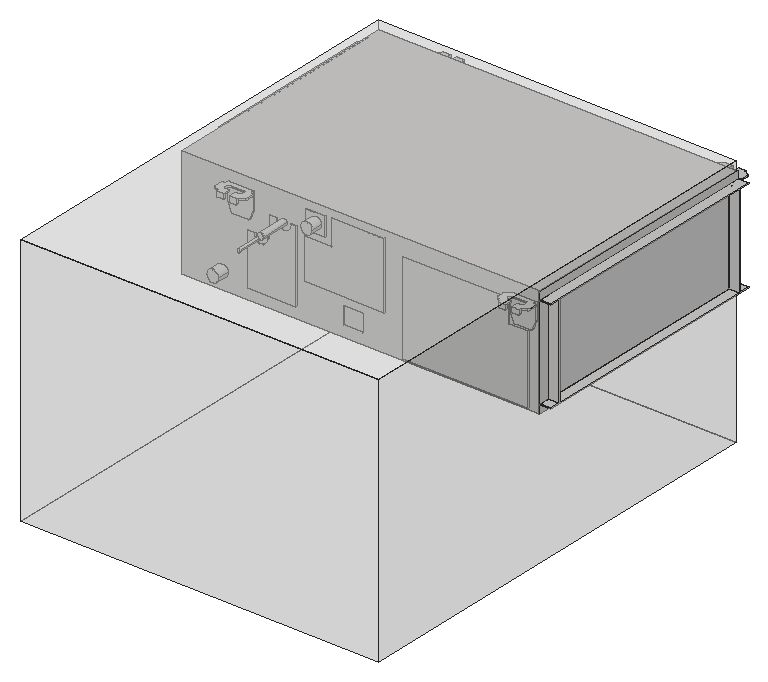
Revit family "outputfile", category 機械設備, Revit 2024
Family settings
  丸型コネクタ寸法 = 半径を使用
  パーツ タイプ = 標準
  OmniClass 番号 = 23.75.10.24.21.27.27
  OmniClass タイトル = Split System Air Conditioning Units
  作業面ベース = いいえ
  常に垂直 = はい
  ロード時にボイドで切り取り = いいえ
  注釈の向きを維持 = いいえ
  共有 = いいえ
  部屋計算ポイント = はい
Parameters (values of type "FXSA32AVMS")
  製造元 = "Daikin"
  書き出し IFC クラス(タイプ) = "IfcUnitaryEquipmentType"
  定義済み IFC タイプ(タイプ) = "AIRCONDITIONINGUNIT"
  モデル = "FXSA32AVMS"
  switch_frequency = yes
  r_Liquid Pipe Size = Liquid Pipe Size / 2  # 3.2 mm
  r_Gas Pipe Size = Gas Pipe Size / 2  # 6.35 mm
  r_Drain Pipe Size = Drain Pipe Size / 2  # 12.5 mm
  lw_power = 770.0 mm
  lh_SA = 138.0 mm
  lw_SA = if(Width = 550.0 mm, 225.0 mm, if(Width = 700.0 mm, 300.0 mm, if(Width = 1000.0 mm, 450.0 mm, if(Width = 1400.0 mm, 650.0 mm, 725.0 mm))))  # 225.0 mm
  lw_RA = if(Width = 550.0 mm, 275.0 mm, if(Width = 700.0 mm, 349.0 mm, if(Width = 1000.0 mm, 499.0 mm, if(Width = 1400.0 mm, 699.0 mm, 775.0 mm))))  # 275.0 mm
  lh_power = 60.0 mm + [h***]  # 60.0 mm
  lh_mountinghole1 = lh_mountinghole + [h***]  # 222.0 mm
  lh_RA = 123.0 mm
  ld_power = Width / 2  # 275.0 mm
  connector_voltage = Voltage_50Hz  # 220 V
  connector_powerinput = [Power Input (Cooling)]  # 0.066 kW
  connector_phase = Phase_50Hz  # 1
  Voltage_comment_50Hz = "220"
  Voltage_50Hz = 220 V
  Total Heating Capacity [instance] = 0.000 kW
  Supply Air Direction [instance] = yes
  Sound Power Level_H speed (dB) = 62
  Power Input (Heating) = 0.061 kW
  Phase_50Hz = 1
  Nominal Heating Capacity = 4.000 kW
  Minimum External Static Pressure = 30.00 Pa
  Minimum Circuit Amps_50Hz = 0.9 A
  Maximum Fuse Amps_50Hz = 16.0 A
  Maximum External Static Pressure = 150.00 Pa
  Material_Casing = DAIKIN_GalvanizedSteel_Casing_indoorunit
  lw_mountinghole = 630.0 mm
  lh_gaspipe = 183.0 mm + [h***]  # 183.0 mm
  lh_mountinghole = 222.0 mm
  lh_liquidpipe = 136.0 mm + [h***]  # 136.0 mm
  lh_drainpipe = 207.0 mm + [h***]  # 207.0 mm
  lh_antena = Height - lh_mountinghole + 1.0 mm  # 24.0 mm
  ld_drainpipe = Width / 2 + 26.0 mm  # 301.0 mm
  ld_liquidpipe = 339.0 mm
  ld_gaspipe = Width / 2 + 65.0 mm  # 340.0 mm
  ld_mountinghole = Width + 38.0 mm  # 588.0 mm
  h*** = 0.0 mm
  lw_liquidpipe = 179.0 mm
  lw_gaspipe = 229.0 mm
  lw_drainpipe = 300.0 mm
  Width = 550.0 mm
  Version = "ver.1.0"
  Unit Type = "Duct_M.S.P."
  Unit Mass Weight = 25.00 kg
  Unit Designation [instance] = ""
  Uniclass2015Version = "Products v1.30"
  Uniclass2015Title = "Variable refrigerant flow units"
  Uniclass2015Code = "Pr_70_65_03_94"
  Total Cooling Capacity [instance] = 0.000 kW
  Sound Pressure Level_M speed (dBA) = 32
  Sound Pressure Level_L speed (dBA) = 30
  Sound Pressure Level_H speed (dBA) = 34
  Series = "VRV Fan Coil Unit"
  Sensible Cooling Capacity [instance] = 0.000 kW
  SA Duct Size Width = 337.0 mm
  SA Duct Size Height = 176.0 mm
  Refrigerant Type = "R32"
  RA Duct Size Width = 502.0 mm
  RA Duct Size Height = 208.0 mm
  Power Input (Cooling) = 0.066 kW
  Option Accessory 3 [instance] = ""
  Option Accessory 2 [instance] = ""
  Option Accessory 1 [instance] = ""
  Nominal Cooling Capacity = 3.600 kW
  Minimum Airflow = 420.00 m³/h
  Median Airflow = 480.00 m³/h
  Maximum Airflow = 570.00 m³/h
  Load Classification = HVAC
  Liquid Pipe Size = 6.4 mm
  Link_Nested Family [instance] = ""
  IfcVersion = ""
  IfcExportType = "AIRCONDITIONINGUNIT"
  IfcExportAs = "IfcUnitaryEquipmentType"
  Height = 245.0 mm
  Heating Entering Wet Bulb Temperature [instance] = -273.15 °C
  Heating Entering Dry Bulb Temperature [instance] = -273.15 °C
  Heating Ambient Wet Bulb Temperature [instance] = -273.15 °C
  Heating Ambient Dry Bulb Temperature [instance] = -273.15 °C
  Heat Exchanger Type = "Cross Fin Coil"
  Gas Pipe Size = 12.7 mm
  Frequency_50Hz = 50 Hz
  Fan Type = "Sirocco Fan"
  Fan Drive = "Direct Drive"
  FCU Tag No. [instance] = ""
  Drain Pipe Size = 25.0 mm
  Design Supply Airflow [instance] = 0.00 m³/h
  Design Return Airflow [instance] = 0.00 m³/h
  Design External Static Pressure [instance] = 0.00 Pa
  Depth = 800.0 mm
  既定の高さ = 0.0 mm
  Cooling Entering Wet Bulb Temperature [instance] = 0.00 °C
  Cooling Entering Dry Bulb Temperature [instance] = 0.00 °C
  Cooling Ambient Wet Bulb Temperature [instance] = 0.00 °C
  Cooling Ambient Dry Bulb Temperature [instance] = 0.00 °C
  Clearance visibility [instance] = yes
  Clearance Top = 20.0 mm
  Clearance Right = 0.0 mm
  Clearance Rear = 0.0 mm
  Clearance Left = 0.0 mm
  Clearance Front = 450.0 mm
  Clearance Bottom = 300.0 mm
Reference planes
  plane 1 "Center (Front/Back)": y = 0
  plane 2 "h": z = 0
  plane 3 "Center (Left/Right)": x = 0
  plane 4 "Back": y = 275
  plane 5 "Front": y = -275
  plane 6 "Left": x = -400
  plane 7 "Right": x = 400
  plane 8 "Top": z = 0
  plane 9 "Bottom": z = -245
  plane 10: y = -215
  plane 11: y = 275
  plane 12: y = -725
  plane 13: x = -400
  plane 14: x = 400
  plane 15: z = 20
  plane 16: z = -545
  plane 17: x = -400
  plane 18: x = -399
  plane 19: x = 399
  plane 20: y = 50
  plane 21: y = 0
  plane 22: z = -122
  plane 23: y = -276
  plane 24: z = -109
  plane 25: x = -221
  plane 26: y = -340
  plane 27: z = -62
  plane 28: x = -171
  plane 29: y = -301
  plane 30: z = -38
  plane 31: x = -100
  plane 32: x = -100
  plane 33: x = -221
  plane 34: x = -171
  plane 35: x = 370
  plane 36: x = -266
  plane 37: x = 364
  plane 38: y = -294
  plane 39: y = 294
  plane 40: z = -23
  plane 41: z = -107
  plane 42: y = -339
  plane 43: z = -207
  plane 44: x = -309
  plane 45: y = -376
  plane 46: x = -251
  plane 47: x = -203
  plane 48: x = -144
  plane 49: z = -59
  plane 50: z = -106
  plane 51: z = -221
  plane 52: z = -109
  plane 53: x = -221
  plane 54: z = -62
  plane 55: x = -171
  plane 56: z = -17
  plane 57: z = -59
  plane 58: x = -121
  plane 59: x = -79
  plane 60: x = -125
  plane 61: x = -64
  plane 62: x = 53
  plane 63: z = -164
  plane 64: z = -73
  plane 65: z = -16
  plane 66: x = 93.5
  plane 67: x = 374.5
  plane 68: x = 330
  plane 69: z = -88.5
  plane 70: z = -38
  plane 71: z = -242.5
  plane 72: x = -38.5
  plane 73: x = 6.5
  plane 74: z = -181
  plane 75: z = -221
  plane 76: y = -274
  plane 77: x = -424
  plane 78: x = 424
Forms (mm)
  Extrusion 1, solid, material "DAIKIN_GalvanizedSteel_Casing_indoorunit" <- "Material_Casing"
    sketch origin (0, 0, 0) x (1, 0, 0) y (0, 1, 0)
      loop
        line (-399, 275) -> (-399, -275) -> (399, -275) -> (399, 275) -> (-399, 275)
    from -245 to 0
  Extrusion 2, solid, material "DAIKIN_GalvanizedSteel_Casing_indoorunit" <- "Material_Casing"
    sketch origin (0, 0, 0) x (1, 0, 0) y (0, 0, 1)
      loop
        line (-251, -221) -> (-144, -221) -> (-144, -59) -> (-154.47, -59)
        arc (-154.47, -59) -> (-171, -78.8) -> (-187.53, -59) r 16.8
        line (-187.53, -59) -> (-203, -59) -> (-203, -106) -> (-206.916, -106)
        arc (-206.916, -106) -> (-221, -123.4) -> (-235.084, -106) r 14.4
        line (-235.084, -106) -> (-251, -106) -> (-251, -221)
    from 275 to 276
  Extrusion 3, solid, material "DAIKIN_GalvanizedSteel_Casing_indoorunit" <- "Material_Casing"
    sketch origin (0, 0, 0) x (1, 0, 0) y (0, 0, 1)
      loop
        line (-121, -17) -> (-121, -59) -> (-79, -59) -> (-79, -17) -> (-121, -17)
      loop
        line (-125, -73) -> (-125, -164) -> (53, -164) -> (53, -16) -> (-64, -16) -> (-64, -73) -> (-125, -73)
    from 275 to 276
  Extrusion 4, solid, material "DAIKIN_GalvanizedSteel_Casing_indoorunit" <- "Material_Casing"
    sketch origin (0, 0, 0) x (1, 0, 0) y (0, 0, 1)
      loop
        line (93.5, -38) -> (93.5, -242.5) -> (374.5, -242.5) -> (374.5, -88.5) -> (330, -88.5) -> (330, -38) -> (93.5, -38)
    from 275 to 276
  Extrusion 5, solid, material "DAIKIN_GalvanizedSteel_Casing_indoorunit" <- "Material_Casing"
    sketch origin (0, 0, 0) x (1, 0, 0) y (0, 0, 1)
      loop
        circle (-221, -109) r 3.2
    from 275 to 339
  Extrusion 6, solid, material "DAIKIN_GalvanizedSteel_Casing_indoorunit" <- "Material_Casing"
    sketch origin (0, 0, 0) x (1, 0, 0) y (0, 0, 1)
      loop
        circle (-171, -62) r 6.35
    from 275 to 340
  Extrusion 7, solid, material "DAIKIN_GalvanizedSteel_Casing_indoorunit" <- "Material_Casing"
    sketch origin (0, 0, 0) x (1, 0, 0) y (0, 0, 1)
      loop
        circle (-100, -38) r 12.5
    from 276 to 301
  Extrusion 8, solid, material "DAIKIN_GalvanizedSteel_Casing_indoorunit" <- "Material_Casing"
    sketch origin (0, 0, 0) x (1, 0, 0) y (0, 0, 1)
      loop
        circle (-309, -207) r 13
    from 275 to 301
  Extrusion 9, void
    sketch origin (0, 0, 0) x (1, 0, 0) y (0, 0, 1)
      loop
        line (-38.5, -181) -> (-38.5, -221) -> (6.5, -221) -> (6.5, -181) -> (-38.5, -181)
    from 274 to 275
Cuts and joins
  Extrusion 9 cuts Extrusion 1
Dimensions and locks
  "Height": plane 8 "Top" to plane 9 "Bottom"
  equal spacing: plane 4 "Back", plane 1 "Center (Front/Back)", plane 5 "Front"
  "Width": plane 4 "Back" to plane 5 "Front"
  equal spacing: plane 6 "Left", plane 3 "Center (Left/Right)", plane 7 "Right"
  "Depth": plane 6 "Left" to plane 7 "Right"
  "Clearance Left": plane 13 to plane 6 "Left"
  "Clearance Right": plane 7 "Right" to plane 14
  "Clearance Rear": plane 11 to plane 4 "Back"
  "Clearance Front": plane 5 "Front" to plane 12
  "Clearance Top": plane 15 to plane 8 "Top"
  "Clearance Bottom": plane 9 "Bottom" to plane 16
  locked: plane 17 to plane 18 at 1
  locked: plane 19 to plane 14 at 1
  "lw_SA": plane 11 to plane 20
  "lw_RA": plane 21 to plane 5 "Front"
  "lh_RA": plane 22 to plane 9 "Bottom"
  locked: plane 5 "Front" to plane 23 at 1
  "lw_liquidpipe": plane 25 to plane 6 "Left"
  "lh_liquidpipe": plane 24 to plane 9 "Bottom"
  "lh_gaspipe": plane 27 to plane 9 "Bottom"
  "lw_gaspipe": plane 28 to plane 6 "Left"
  "ld_gaspipe": plane 26 to plane 1 "Center (Front/Back)"
  "ld_drainpipe": plane 29 to plane 1 "Center (Front/Back)"
  "lh_drainpipe": plane 30 to plane 9 "Bottom"
  "lw_drainpipe": plane 31 to plane 6 "Left"
  "lw_drainpipe": plane 6 "Left" to plane 32
  "lw_liquidpipe": plane 6 "Left" to plane 33
  "lw_gaspipe": plane 6 "Left" to plane 34
  "lw_power": plane 6 "Left" to plane 35
  locked: plane 17 to plane 36 at 134
  "lw_mountinghole": plane 36 to plane 37
  equal spacing: plane 38, plane 1 "Center (Front/Back)", plane 39
  "ld_mountinghole": plane 39 to plane 38
  "lh_mountinghole": plane 40 to plane 9 "Bottom"
  "lh_SA": plane 41 to plane 9 "Bottom"
  locked: plane 44 to plane 6 "Left" at 91
  locked: plane 43 to plane 9 "Bottom" at 38
  plane 48 to plane 47 to plane 46 to plane 6 "Left" = 59.0 mm, 48.0 mm, 149.0 mm
  plane 8 "Top" to plane 49 to plane 50 to plane 51 = 59.0 mm locked, 47.0 mm locked, 115.0 mm locked
  plane 55 to plane 53 to plane 6 "Left" = 50.0 mm locked, 179.0 mm locked
  plane 54 to plane 52 to plane 9 "Bottom" = 47.0 mm locked, 136.0 mm locked
  plane 59 to plane 58 to plane 6 "Left" = 42.0 mm locked, 279.0 mm locked
  plane 8 "Top" to plane 56 to plane 57 = 17.0 mm locked, 42.0 mm locked
  plane 62 to plane 61 to plane 60 to plane 6 "Left" = 117.0 mm, 61.0 mm, 275.0 mm
  plane 8 "Top" to plane 65 to plane 64 = 16.0 mm locked, 57.0 mm locked
  locked: plane 65 to plane 63 at 148
  plane 8 "Top" to plane 70 to plane 69 to plane 71 = 38.0 mm locked, 50.5 mm locked, 154.0 mm locked
  plane 67 to plane 68 to plane 66 to plane 6 "Left" = 44.5 mm locked, 236.5 mm locked, 493.5 mm locked
  plane 8 "Top" to plane 74 to plane 75 = 181.0 mm locked, 40.0 mm locked
  plane 73 to plane 72 to plane 6 "Left" = 45.0 mm, 361.5 mm
  locked: plane 76 to plane 5 "Front" at 1
  locked: plane 77 to plane 17 at 24
  locked: plane 14 to plane 78 at 24
  "ld_liquidpipe": plane 42 to plane 1 "Center (Front/Back)"
  "r_Liquid Pipe Size": radius of Extrusion 5 sketch curve
  "r_Gas Pipe Size": radius of Extrusion 6 sketch curve
  "r_Drain Pipe Size": radius of Extrusion 7 sketch curve
  aligned and locked: level to plane 2 "h"
  aligned and locked: plane 8 "Top" to Extrusion 1
  aligned and locked: Extrusion 1 to plane 9 "Bottom"
  aligned and locked: nested 5 to plane 12
  aligned and locked: plane 13 to nested 5
  aligned and locked: plane 14 to nested 5
  aligned and locked: nested 5 to plane 13
  aligned and locked: plane 11 to nested 5
  aligned and locked: plane 15 to nested 5
  aligned and locked: plane 16 to nested 5
  aligned and locked: plane 5 "Front" to Extrusion 1 sketch curve
  aligned and locked: Extrusion 1 to plane 18
  aligned and locked: plane 19 to Extrusion 1
  aligned and locked: nested 7 to plane 18
  aligned and locked: nested 7 to plane 20
  aligned and locked: plane 19 to nested 8
  aligned and locked: plane 21 to nested 8
  aligned and locked: plane 22 to nested 8
  aligned and locked: Extrusion 2 to plane 23
  aligned and locked: plane 5 "Front" to Extrusion 2
  aligned and locked: Extrusion 3 to plane 23
  aligned and locked: plane 5 "Front" to Extrusion 3
  aligned and locked: plane 5 "Front" to Extrusion 4
  aligned and locked: Extrusion 5 sketch curve to plane 25
  aligned and locked: plane 24 to Extrusion 5 sketch curve
  aligned and locked: plane 5 "Front" to Extrusion 5
  aligned and locked: Extrusion 6 sketch curve to plane 28
  aligned and locked: plane 27 to Extrusion 6 sketch curve
  aligned and locked: plane 5 "Front" to Extrusion 6
  aligned and locked: Extrusion 7 sketch curve to plane 31
  aligned and locked: Extrusion 7 sketch curve to plane 30
  aligned and locked: Extrusion 7 to plane 29
  aligned and locked: plane 23 to Extrusion 7
  aligned and locked: nested 3 to plane 29
  aligned and locked: plane 32 to nested 3
  aligned and locked: nested 2 to plane 33
  aligned and locked: nested 1 to plane 34
  aligned and locked: Extrusion 6 to plane 26
  aligned and locked: nested 1 to plane 26
  aligned and locked: nested 6 to plane 5 "Front"
  aligned and locked: plane 35 to nested 6
  aligned and locked: plane 36 to nested 10
  aligned and locked: nested 10 to plane 5 "Front"
  aligned and locked: plane 37 to nested 9
  aligned and locked: nested 9 to plane 5 "Front"
  aligned and locked: nested 11 to plane 36
  aligned and locked: plane 4 "Back" to nested 11
  aligned and locked: nested 12 to plane 37
  aligned and locked: plane 4 "Back" to nested 12
  aligned and locked: plane 40 to nested 10
  aligned and locked: plane 40 to nested 11
  aligned and locked: plane 40 to nested 9
  aligned and locked: plane 40 to nested 12
  aligned and locked: plane 36 to nested 14
  aligned and locked: nested 14 to plane 39
  aligned and locked: plane 37 to nested 13
  aligned and locked: nested 13 to plane 39
  aligned and locked: plane 37 to nested 16
  aligned and locked: plane 38 to nested 16
  aligned and locked: plane 38 to nested 15
  aligned and locked: plane 36 to nested 15
  aligned and locked: plane 17 to plane 6 "Left"
  aligned and locked: plane 41 to nested 7
  aligned and locked: Extrusion 5 to plane 42
  aligned and locked: nested 2 to plane 42
  aligned and locked: Extrusion 8 sketch curve to plane 44
  aligned and locked: plane 43 to Extrusion 8 sketch curve
  aligned and locked: plane 5 "Front" to Extrusion 8
  aligned and locked: Extrusion 3 sketch curve to plane 56
  aligned and locked: Extrusion 3 sketch curve to plane 58
  aligned and locked: plane 57 to Extrusion 3 sketch curve
  aligned and locked: plane 59 to Extrusion 3 sketch curve
  aligned and locked: Extrusion 4 to plane 23
  aligned and locked: Extrusion 9 sketch curve to plane 74
  aligned and locked: plane 75 to Extrusion 9 sketch curve
  aligned and locked: plane 73 to Extrusion 9 sketch curve
  aligned and locked: plane 5 "Front" to Extrusion 9
  aligned and locked: plane 76 to Extrusion 9
  aligned and locked: nested 17 to plane 20
  aligned and locked: nested 17 to plane 77
  aligned and locked: plane 21 to nested 18
  aligned and locked: plane 78 to nested 18
  aligned and locked: plane 41 to nested 17
  aligned and locked: nested 18 to plane 22
  aligned and locked: nested 4 to plane 3 "Center (Left/Right)"
  aligned and locked: plane 1 "Center (Front/Back)" to nested 4
  aligned and locked: level to plane 8 "Top"
  aligned and locked: Extrusion 8 to plane 29
Automatic sketch dimensions
  plane 6 "Left" to Extrusion 1 sketch curve = 1.0 mm
  Extrusion 1 sketch curve to plane 7 "Right" = 1.0 mm
  Extrusion 1 sketch curve to plane 4 "Back" = 0.0 mm
  Extrusion 2 sketch curve to plane 46 = 0.0 mm
  Extrusion 2 sketch curve to plane 33 = 0.0 mm
  Extrusion 2 sketch curve to plane 47 = 0.0 mm
  Extrusion 2 sketch curve to plane 34 = 0.0 mm
  Extrusion 2 sketch curve to plane 48 = 0.0 mm
  Extrusion 2 sketch curve to plane 51 = 0.0 mm
  Extrusion 2 sketch curve to plane 52 = 0.0 mm
  Extrusion 2 sketch curve to plane 50 = 0.0 mm  (x3)
  Extrusion 2 sketch curve to plane 54 = 0.0 mm
  Extrusion 2 sketch curve to plane 49 = 0.0 mm  (x3)
  plane 33 to Extrusion 2 sketch curve = 14.084 mm
  plane 34 to Extrusion 2 sketch curve = 16.53 mm
  Extrusion 3 sketch curve to plane 60 = 0.0 mm
  Extrusion 3 sketch curve to plane 61 = 0.0 mm
  Extrusion 3 sketch curve to plane 62 = 0.0 mm
  Extrusion 3 sketch curve to plane 63 = 0.0 mm
  Extrusion 3 sketch curve to plane 64 = 0.0 mm
  Extrusion 3 sketch curve to plane 65 = 0.0 mm
  Extrusion 4 sketch curve to plane 66 = 0.0 mm
  Extrusion 4 sketch curve to plane 68 = 0.0 mm
  Extrusion 4 sketch curve to plane 67 = 0.0 mm
  Extrusion 4 sketch curve to plane 71 = 0.0 mm
  Extrusion 4 sketch curve to plane 69 = 0.0 mm
  Extrusion 4 sketch curve to plane 70 = 0.0 mm
  Extrusion 9 sketch curve to plane 72 = 0.0 mm
  radius of Extrusion 8 sketch curve = 13.0 mm
Nested families
  nested 1: "daikin_connector_rotate2" at (-171, 0, -62), length <- "ld_gaspipe", built-in parameter 1001364 <- "lh_gaspipe", radius <- "r_Gas Pipe Size", type "daikin_connector_rotate2"
    with radius 6.35 mm, length 340.0 mm, angle_vertical 90.00°
  nested 2: "daikin_connector_rotate2" at (-221, 0, -109), length <- "ld_liquidpipe", built-in parameter 1001364 <- "lh_liquidpipe", radius <- "r_Liquid Pipe Size", type "daikin_connector_rotate2"
    with radius 3.2 mm, length 339.0 mm, angle_vertical 90.00°
  nested 3: "daikin_connector_rotate2" at (-100, 0, -38), length <- "ld_drainpipe", built-in parameter 1001364 <- "lh_drainpipe", radius <- "r_Drain Pipe Size", type "daikin_connector_rotate2"
    with radius 12.5 mm, length 301.0 mm, angle_vertical 90.00°
  nested 4: "daikin_△_symbolicline" at (0, 0, 245) x (0, -1, 0) z (0, 0, 1), built-in parameter 1001364 <- "Height", visible <- "Supply Air Direction", type "daikin_△_symbolicline"
    with length 200.0 mm
  nested 5: "daikin_clearancespace" at (0, -225, -262.381), visible <- "Clearance visibility", show <- "Clearance visibility", Link_Nested Family <- "Link_Nested Family", type "daikin_clearancespace"
    with width 800.0 mm, show yes, height 565.0 mm, depth 1000.0 mm, Link_Nested Family ""
  nested 6: "daikin_connector_rotate2" at (370, 0, -185), built-in parameter 1001364 <- "lh_power", length <- "ld_power", type "daikin_connector_rotate2"
    with radius 10.0 mm, length 275.0 mm, angle_vertical 90.00°
  nested 7: "daikin_ductflange_FXSA-AVMS2" at (-399, 50, -107) x (0, -1, 0) z (0, 0, 1), type "daikin_ductflange_FXSA-AVMS2"
    with width 337.0 mm, w1 24.0 mm, w 550.0 mm
  nested 8: "daikin_ductflange_FXSA-AVMS" at (399, 0, -122) x (0, 1, 0) z (0, 0, 1), type "daikin_ductflange_FXSA-AVMS"
    with width 502.0 mm, lw 25.0 mm, w 550.0 mm
  nested 9: "FXFSA-AVM" at (364, -275, -23), type "daikin_hangerfixture_FXFSA-AVM"
  nested 10: "FXFSA-AVM" at (-266, -275, -23), type "daikin_hangerfixture_FXFSA-AVM"
  nested 11: "FXFSA-AVM" at (-266, 275, -23) x (-1, 0, 0) z (0, 0, 1), type "daikin_hangerfixture_FXFSA-AVM"
  nested 12: "FXFSA-AVM" at (364, 275, -23) x (-1, 0, 0) z (0, 0, 1), type "daikin_hangerfixture_FXFSA-AVM"
  nested 13: "daikin_mountinghole" at (364, 294, -245), h_mountinghole <- "lh_mountinghole1", l_antenna <- "lh_antena", Link_Nested Family <- "Link_Nested Family", type "daikin_mountinghole"
    with show yes, l_antenna 24.0 mm, h_mountinghole 222.0 mm, Link_Nested Family ""
  nested 14: "daikin_mountinghole" at (-266, 294, -245), h_mountinghole <- "lh_mountinghole1", l_antenna <- "lh_antena", Link_Nested Family <- "Link_Nested Family", type "daikin_mountinghole"
    with show yes, l_antenna 24.0 mm, h_mountinghole 222.0 mm, Link_Nested Family ""
  nested 15: "daikin_mountinghole" at (-266, -294, -245), h_mountinghole <- "lh_mountinghole1", l_antenna <- "lh_antena", Link_Nested Family <- "Link_Nested Family", type "daikin_mountinghole"
    with show yes, l_antenna 24.0 mm, h_mountinghole 222.0 mm, Link_Nested Family ""
  nested 16: "daikin_mountinghole" at (364, -294, -245), h_mountinghole <- "lh_mountinghole1", l_antenna <- "lh_antena", Link_Nested Family <- "Link_Nested Family", type "daikin_mountinghole"
    with show yes, l_antenna 24.0 mm, h_mountinghole 222.0 mm, Link_Nested Family ""
  nested 17: "daikin_connector_rotate2" at (-400, 50, -107) x (0, -1, 0) z (0, 0, 1), type "daikin_connector_rotate2"
    with radius 10.0 mm, length 24.0 mm, angle_vertical 90.00°
  nested 18: "daikin_connector_rotate2" at (400, 0, -122) x (0, 1, 0) z (0, 0, 1), type "daikin_connector_rotate2"
    with radius 10.0 mm, length 24.0 mm, angle_vertical 90.00°
Connectors
  piping at (-100, -301, -38), diameter 25, driven by "r_Drain Pipe Size"
    settings: on nested 3, index 3, connector inside diameter 609.6 mm, connector length 0.0 mm, flow factor 0, pipe flow 0.00 m³/h, pressure drop 0.0 Pa, fitting loss kfactor 0, connector angle 0.00°, fixture units 0, engagement length 0.0 mm, angle of deflection 0.00°, flow configuration 1, flow direction 2, fitting loss method 4, system type 16, joint type 0, gender type 0, connector reference index -1, connector utility 0, adjustable connector no, is connector primary yes, connector description "Condensate Drain Piping"
  piping at (-171, -340, -62), diameter 12.7, driven by "r_Gas Pipe Size"
    settings: on nested 1, index 4, connector inside diameter 609.6 mm, connector length 0.0 mm, flow factor 0, pipe flow 0.00 m³/h, pressure drop 0.0 Pa, fitting loss kfactor 0, connector angle 0.00°, fixture units 0, engagement length 0.0 mm, angle of deflection 0.00°, flow configuration 1, flow direction 2, fitting loss method 0, system type 29, joint type 0, gender type 0, connector reference index -1, connector utility 0, adjustable connector no, is connector primary no, connector description "Refrigerant Gas Piping"
  piping at (-221, -339, -109), diameter 6.4, driven by "r_Liquid Pipe Size"
    settings: on nested 2, index 5, connector inside diameter 609.6 mm, connector length 0.0 mm, flow factor 0, pipe flow 0.00 m³/h, pressure drop 0.0 Pa, fitting loss kfactor 0, connector angle 0.00°, fixture units 0, engagement length 0.0 mm, angle of deflection 0.00°, flow configuration 1, flow direction 1, fitting loss method 0, system type 29, joint type 0, gender type 0, connector reference index -1, connector utility 0, adjustable connector no, is connector primary no, connector description "Refrigerant Liquid Piping"
  electrical at (370, -275, -185), driven by "Load Classification", driven by "connector_voltage", driven by "connector_phase", driven by "connector_powerinput"
    settings: on nested 6, index 6, voltage 220 V, apparent load 66 VA, apparent load phase1 0 VA, apparent load phase2 0 VA, apparent load phase3 0 VA, power factor 1, load classification "HVAC", number of poles 1, system type 30, power factor state 1, is connector primary yes, connector utility no, sub classification motor no, connector description "Power Supply"
  hvac at (-424, 50, -107), driven by "SA Duct Size Height", driven by "SA Duct Size Width"
    settings: on nested 17, index 7, duct flow 0.00 m³/h, flow factor 0, pres drop 0.00 Pa, loss coef 0, conn angle 0.00°, conn width 337.0 mm, conn height 176.0 mm, conn diameter 609.6 mm, duct sys type 1, conn prof type 1, flow config 0, flow direction 2, loss method 4, conn ref index -1, conn util no, is conn primary yes, conn desc "SA Duct"
  hvac at (424, 0, -122), driven by "RA Duct Size Height", driven by "RA Duct Size Width"
    settings: on nested 18, index 8, duct flow 0.00 m³/h, flow factor 0, pres drop 0.00 Pa, loss coef 0, conn angle 0.00°, conn width 502.0 mm, conn height 208.0 mm, conn diameter 609.6 mm, duct sys type 2, conn prof type 1, flow config 0, flow direction 1, loss method 4, conn ref index -1, conn util no, is conn primary no, conn desc "RA Duct"
Definition of nested family "daikin_clearancespace"
  Parameters (values of type "daikin_clearancespace")
    Description = "daikin_clearancespace"
    width [instance] = 1823.963 mm
    show [instance] = yes
    material = none
    height [instance] = 1359.762 mm
    depth [instance] = 880.0 mm
    Default Elevation = 0.0 mm
    Link_Nested Family [instance] = ""
  Reference planes
    plane 1 "Center (Front/Back)": y = 0
    plane 2 "Center (Elevation)": z = -0.119
    plane 3 "Center (Left/Right)": x = 0
    plane 4: y = 440
    plane 5: y = -440
    plane 6 "Right": x = 911.982
    plane 7 "Left": x = -911.982
    plane 8 "Top": z = 679.762
    plane 9 "Bottom": z = -680
  Forms (mm)
    Extrusion 1, solid, material <- "material", visible <- "show"
      sketch origin (0, 0, 0) x (1, 0, 0) y (0, 1, 0)
        loop
          line (-911.982, 440) -> (-911.982, -440) -> (911.982, -440) -> (911.982, 440) -> (-911.982, 440)
      from -680 to 679.762
  Lines and regions (mm)
    symbolic lines, visible <- "show"
      curve 1: line (911.982, 440, 0) -> (-911.982, 440, 0)
      curve 2: line (-911.982, 440, 0) -> (-911.982, -440, 0)
      curve 3: line (-911.982, -440, 0) -> (911.982, -440, 0)
      curve 4: line (911.982, -440, 0) -> (911.982, 440, 0)
      curve 5: line (911.982, 0, 679.762) -> (-911.982, 0, 679.762)
      curve 6: line (911.982, 0, -680) -> (911.982, 0, 679.762)
      curve 7: line (-911.982, 0, -680) -> (911.982, 0, -680)
      curve 8: line (-911.982, 0, 679.762) -> (-911.982, 0, -680)
      curve 9: line (0, 440, 679.762) -> (0, -440, 679.762)
      curve 10: line (0, -440, 679.762) -> (0, -440, -680)
      curve 11: line (0, 440, -680) -> (0, 440, 679.762)
      curve 12: line (0, -440, -680) -> (0, 440, -680)
  Dimensions and locks
    "width": plane 7 "Left" to plane 6 "Right"
    "depth": plane 4 to plane 5
    "height": plane 8 "Top" to plane 9 "Bottom"
    equal spacing: plane 7 "Left", plane 3 "Center (Left/Right)", plane 6 "Right"
    equal spacing: plane 4, plane 1 "Center (Front/Back)", plane 5
    equal spacing: plane 8 "Top", plane 2 "Center (Elevation)", plane 9 "Bottom"
    aligned and locked: level to plane 2 "Center (Elevation)"
    aligned and locked: Extrusion 1 sketch curve to plane 4
    aligned and locked: plane 7 "Left" to Extrusion 1 sketch curve
    aligned and locked: Extrusion 1 sketch curve to plane 5
    aligned and locked: Extrusion 1 sketch curve to plane 6 "Right"
    aligned and locked: plane 8 "Top" to Extrusion 1
    aligned and locked: curve 1 to Extrusion 1
    aligned and locked: curve 2 to Extrusion 1
    aligned and locked: curve 3 to Extrusion 1
    aligned and locked: curve 4 to Extrusion 1
    aligned and locked: curve 5 to Extrusion 1
    aligned and locked: curve 6 to Extrusion 1
    aligned and locked: curve 7 to Extrusion 1
    aligned and locked: curve 8 to Extrusion 1
    aligned and locked: curve 9 to Extrusion 1
    aligned and locked: curve 10 to Extrusion 1
    aligned and locked: curve 11 to Extrusion 1
    aligned and locked: curve 12 to Extrusion 1
    aligned and locked: Extrusion 1 to plane 9 "Bottom"
Definition of nested family "daikin_ductflange_FXSA-AVMS2"
  Parameters (values of type "daikin_ductflange_FBA-BVMA2")
    width = if(w = 550.0 mm, 337.0 mm, if(w = 700.0 mm, 492.0 mm, if(w = 1000.0 mm, 792.0 mm, if(w = 1400.0 mm, 1192.0 mm, 1337.0 mm))))  # 492.0 mm
    w1 = if(w = 550.0 mm, 24.0 mm, if(w = 700.0 mm, 21.5 mm, if(w = 1000.0 mm, 21.5 mm, if(w = 1400.0 mm, 21.5 mm, 24.0 mm))))  # 21.5 mm
    material = none
    height = 215.0 mm
    depth = 1.0 mm
    w = 700.0 mm
    Default Elevation = 0.0 mm
  Reference planes
    plane 1 "Center (Front/Back)": y = 0
    plane 2: z = 0
    plane 3 "Center (Left/Right)": x = 0
    plane 4: z = 88
    plane 5: z = -88
    plane 6: y = -25
    plane 7: z = 106
    plane 8: z = 89
    plane 9: y = -1
    plane 10: x = -267.5
    plane 11: x = 267.5
    plane 12: z = -106
    plane 13: z = -89
    plane 14: y = -1
    plane 15: x = 246
    plane 16: x = -246
    plane 17: x = 247
    plane 18: z = 87
    plane 19: z = -87
    plane 20: x = -247
    plane 21: z = 87
    plane 22: z = -87
    plane 23: y = -1
  Forms (mm)
    Extrusion 1, solid, material <- "material"
      sketch origin (0, 0, 0) x (0, 1, 0) y (0, 0, 1)
        loop
          line (-25, 88) -> (0, 88) -> (0, 106) -> (-1, 106) -> (-1, 89) -> (-25, 89) -> (-25, 88)
      from -267.5 to 267.5
    Extrusion 2, solid, material <- "material"
      sketch origin (0, 0, 0) x (0, 1, 0) y (0, 0, 1)
        loop
          line (-25, -88) -> (-25, -89) -> (-1, -89) -> (-1, -106) -> (0, -106) -> (0, -88) -> (-25, -88)
      from -267.5 to 267.5
    Extrusion 3, solid, material <- "material"
      sketch origin (0, 0, 0) x (1, 0, 0) y (0, 0, 1)
        loop
          line (246, 88) -> (246, -88) -> (267.5, -88) -> (267.5, -87) -> (247, -87) -> (247, 87) -> (267.5, 87) -> (267.5, 88) -> (246, 88)
      from 0 to 25
    Extrusion 4, solid, material <- "material"
      sketch origin (0, 0, 0) x (1, 0, 0) y (0, 0, 1)
        loop
          line (-267.5, 88) -> (-267.5, 87) -> (-247, 87) -> (-247, -87) -> (-267.5, -87) -> (-267.5, -88) -> (-246, -88) -> (-246, 88) -> (-267.5, 88)
      from 0 to 25
    Extrusion 5, solid, material <- "material"
      sketch origin (0, 0, 0) x (1, 0, 0) y (0, 0, 1)
        loop
          line (-267.5, 88) -> (-267.5, -88) -> (-246, -88) -> (-246, 88) -> (-267.5, 88)
        loop
          line (267.5, 88) -> (246, 88) -> (246, -88) -> (267.5, -88) -> (267.5, 88)
      from 0 to 1
  Cuts and joins
    joined: Extrusion 1, Extrusion 2, Extrusion 3, Extrusion 4, Extrusion 5
  Dimensions and locks
    plane 4 to level to plane 5 = 88.0 mm, 88.0 mm
    locked: plane 6 to plane 1 "Center (Front/Back)" at 25
    locked: plane 9 to plane 1 "Center (Front/Back)" at 1
    locked: plane 8 to plane 4 at 1
    "w1": plane 16 to plane 10
    locked: plane 17 to plane 15 at 1
    locked: plane 4 to plane 18 at 1
    locked: plane 19 to plane 5 at 1
    "width": plane 15 to plane 16
    plane 4 to plane 5 = 176.0 mm
    locked: plane 16 to plane 20 at 1
    locked: plane 4 to plane 21 at 1
    locked: plane 22 to plane 5 at 1
    locked: plane 23 to plane 1 "Center (Front/Back)" at 1
    plane 4 to level to plane 5 = 88.0 mm locked, 88.0 mm locked
    locked: plane 5 to plane 13 at 1
    locked: plane 5 to plane 12 at 18
    locked: plane 7 to plane 4 at 18
    equal spacing: plane 15, plane 3 "Center (Left/Right)", plane 16
    "w1": plane 11 to plane 15
    plane 11 to plane 10 = 535.0 mm
    aligned and locked: level to plane 2
    aligned and locked: Extrusion 1 to plane 10
    aligned and locked: plane 11 to Extrusion 1
    aligned and locked: plane 5 to Extrusion 2
    aligned and locked: Extrusion 2 to plane 1 "Center (Front/Back)"
    aligned and locked: plane 15 to Extrusion 3 sketch curve
    aligned and locked: Extrusion 3 sketch curve to Extrusion 2  (x2)
    aligned and locked: Extrusion 3 sketch curve to plane 11
    aligned and locked: plane 6 to Extrusion 3
    aligned and locked: Extrusion 2 to plane 10
    aligned and locked: plane 11 to Extrusion 2
    aligned and locked: Extrusion 4 sketch curve to Extrusion 1  (x2)
    aligned and locked: plane 5 to Extrusion 4 sketch curve
    aligned and locked: Extrusion 4 sketch curve to plane 16
    aligned and locked: Extrusion 4 sketch curve to plane 22
    aligned and locked: plane 20 to Extrusion 4 sketch curve
    aligned and locked: plane 21 to Extrusion 4 sketch curve
    aligned and locked: Extrusion 4 to plane 1 "Center (Front/Back)"
    aligned and locked: plane 6 to Extrusion 4
    aligned and locked: Extrusion 5 sketch curve to Extrusion 1  (x4)
    aligned and locked: Extrusion 5 sketch curve to Extrusion 4  (x2)
    aligned and locked: Extrusion 5 sketch curve to Extrusion 3  (x2)
    aligned and locked: Extrusion 5 to plane 1 "Center (Front/Back)"
    aligned and locked: plane 23 to Extrusion 5
  Automatic sketch dimensions
    Extrusion 1 sketch curve to plane 6 = 0.0 mm
    Extrusion 1 sketch curve to plane 7 = 0.0 mm
    Extrusion 1 sketch curve to plane 9 = 0.0 mm
    Extrusion 1 sketch curve to plane 1 "Center (Front/Back)" = 0.0 mm
    Extrusion 1 sketch curve to plane 4 = 0.0 mm
    Extrusion 1 sketch curve to plane 8 = 0.0 mm
    Extrusion 2 sketch curve to plane 6 = 0.0 mm
    plane 12 to Extrusion 2 sketch curve = 0.0 mm
    Extrusion 2 sketch curve to plane 14 = 0.0 mm
    Extrusion 2 sketch curve to plane 1 "Center (Front/Back)" = 0.0 mm
    plane 13 to Extrusion 2 sketch curve = 0.0 mm
    Extrusion 2 sketch curve to plane 5 = 0.0 mm
    Extrusion 3 sketch curve to plane 17 = 0.0 mm
    Extrusion 3 sketch curve to plane 19 = 0.0 mm
    Extrusion 3 sketch curve to plane 18 = 0.0 mm
    Extrusion 3 sketch curve to plane 4 = 0.0 mm
    Extrusion 4 sketch curve to plane 10 = 0.0 mm
Definition of nested family "daikin_ductflange_FXSA-AVMS"
  Parameters (values of type "daikin_ductflange_FBFC-DVMG")
    width = if(w = 550.0 mm, 502.0 mm, if(w = 700.0 mm, 654.0 mm, if(w = 1000.0 mm, 952.0 mm, if(w = 1400.0 mm, 1352.0 mm, 1502.0 mm))))  # 654.0 mm
    material = none
    lw = if(width = 654.0 mm, 23.0 mm, 25.0 mm)  # 23.0 mm
    height = 208.0 mm
    depth = 1.0 mm
    w = 700.0 mm
    Default Elevation = 0.0 mm
  Reference planes
    plane 1 "Center (Front/Back)": y = 0
    plane 2: z = 0
    plane 3 "Center (Left/Right)": x = 0
    plane 4: z = 104
    plane 5: z = -104
    plane 6: y = -25
    plane 7: z = 121
    plane 8: z = 105
    plane 9: y = -1
    plane 10: x = -350
    plane 11: x = 350
    plane 12: z = -122
    plane 13: z = -105
    plane 14: y = -1
    plane 15: x = 327
    plane 16: x = -327
    plane 17: x = 328
    plane 18: z = 103
    plane 19: z = -103
    plane 20: x = -328
    plane 21: z = 103
    plane 22: z = -103
    plane 23: y = -1
  Forms (mm)
    Extrusion 1, solid, material <- "material"
      sketch origin (0, 0, 0) x (0, 1, 0) y (0, 0, 1)
        loop
          line (-25, 104) -> (0, 104) -> (0, 121) -> (-1, 121) -> (-1, 105) -> (-25, 105) -> (-25, 104)
      from -350 to 350
    Extrusion 2, solid, material <- "material"
      sketch origin (0, 0, 0) x (0, 1, 0) y (0, 0, 1)
        loop
          line (-25, -104) -> (-25, -105) -> (-1, -105) -> (-1, -122) -> (0, -122) -> (0, -104) -> (-25, -104)
      from -350 to 350
    Extrusion 3, solid, material <- "material"
      sketch origin (0, 0, 0) x (1, 0, 0) y (0, 0, 1)
        loop
          line (327, 104) -> (327, -104) -> (350, -104) -> (350, -103) -> (328, -103) -> (328, 103) -> (350, 103) -> (350, 104) -> (327, 104)
      from 0 to 25
    Extrusion 4, solid, material <- "material"
      sketch origin (0, 0, 0) x (1, 0, 0) y (0, 0, 1)
        loop
          line (-350, 104) -> (-350, 103) -> (-328, 103) -> (-328, -103) -> (-350, -103) -> (-350, -104) -> (-327, -104) -> (-327, 104) -> (-350, 104)
      from 0 to 25
    Extrusion 5, solid, material <- "material"
      sketch origin (0, 0, 0) x (1, 0, 0) y (0, 0, 1)
        loop
          line (-350, 104) -> (-350, -104) -> (-327, -104) -> (-327, 104) -> (-350, 104)
        loop
          line (350, 104) -> (327, 104) -> (327, -104) -> (350, -104) -> (350, 104)
      from 0 to 1
  Cuts and joins
    joined: Extrusion 1, Extrusion 2, Extrusion 3, Extrusion 4, Extrusion 5
  Dimensions and locks
    plane 4 to level to plane 5 = 104.0 mm, 104.0 mm
    locked: plane 6 to plane 1 "Center (Front/Back)" at 25
    locked: plane 9 to plane 1 "Center (Front/Back)" at 1
    locked: plane 8 to plane 4 at 1
    "lw": plane 11 to plane 15
    "lw": plane 16 to plane 10
    locked: plane 17 to plane 15 at 1
    locked: plane 4 to plane 18 at 1
    locked: plane 19 to plane 5 at 1
    "width": plane 15 to plane 16
    equal spacing: plane 15, plane 3 "Center (Left/Right)", plane 16
    locked: plane 16 to plane 20 at 1
    locked: plane 4 to plane 21 at 1
    locked: plane 22 to plane 5 at 1
    locked: plane 23 to plane 1 "Center (Front/Back)" at 1
    locked: plane 7 to plane 4 at 17
    locked: plane 1 "Center (Front/Back)" to plane 14 at 1
    locked: plane 5 to plane 13 at 1
    "height": plane 4 to plane 5
    plane 11 to plane 10 = 700.0 mm
    locked: plane 12 to plane 13 at 17
    equal spacing: plane 4, level, plane 5
    aligned and locked: level to plane 2
    aligned and locked: Extrusion 1 to plane 10
    aligned and locked: plane 11 to Extrusion 1
    aligned and locked: plane 5 to Extrusion 2
    aligned and locked: Extrusion 2 to plane 1 "Center (Front/Back)"
    aligned and locked: plane 15 to Extrusion 3 sketch curve
    aligned and locked: Extrusion 3 sketch curve to Extrusion 2  (x2)
    aligned and locked: Extrusion 3 sketch curve to plane 11
    aligned and locked: plane 6 to Extrusion 3
    aligned and locked: Extrusion 2 to plane 10
    aligned and locked: plane 11 to Extrusion 2
    aligned and locked: Extrusion 4 sketch curve to Extrusion 1  (x2)
    aligned and locked: plane 5 to Extrusion 4 sketch curve
    aligned and locked: Extrusion 4 sketch curve to plane 16
    aligned and locked: Extrusion 4 sketch curve to plane 22
    aligned and locked: plane 20 to Extrusion 4 sketch curve
    aligned and locked: plane 21 to Extrusion 4 sketch curve
    aligned and locked: Extrusion 4 to plane 1 "Center (Front/Back)"
    aligned and locked: plane 6 to Extrusion 4
    aligned and locked: Extrusion 5 sketch curve to Extrusion 1  (x4)
    aligned and locked: Extrusion 5 sketch curve to Extrusion 4  (x2)
    aligned and locked: Extrusion 5 sketch curve to Extrusion 3  (x2)
    aligned and locked: Extrusion 5 to plane 1 "Center (Front/Back)"
    aligned and locked: plane 23 to Extrusion 5
  Automatic sketch dimensions
    Extrusion 1 sketch curve to plane 6 = 0.0 mm
    Extrusion 1 sketch curve to plane 7 = 0.0 mm
    Extrusion 1 sketch curve to plane 9 = 0.0 mm
    Extrusion 1 sketch curve to plane 1 "Center (Front/Back)" = 0.0 mm
    Extrusion 1 sketch curve to plane 4 = 0.0 mm
    Extrusion 1 sketch curve to plane 8 = 0.0 mm
    Extrusion 2 sketch curve to plane 6 = 0.0 mm
    plane 12 to Extrusion 2 sketch curve = 0.0 mm
    Extrusion 2 sketch curve to plane 14 = 0.0 mm
    Extrusion 2 sketch curve to plane 1 "Center (Front/Back)" = 0.0 mm
    plane 13 to Extrusion 2 sketch curve = 0.0 mm
    Extrusion 2 sketch curve to plane 5 = 0.0 mm
    Extrusion 3 sketch curve to plane 17 = 0.0 mm
    Extrusion 3 sketch curve to plane 19 = 0.0 mm
    Extrusion 3 sketch curve to plane 18 = 0.0 mm
    Extrusion 3 sketch curve to plane 4 = 0.0 mm
    Extrusion 4 sketch curve to plane 10 = 0.0 mm
Definition of nested family "FXFSA-AVM"
  Parameters (values of type "daikin_hangerfixture_FXMQ-PAVE")
    width = 72.0 mm
    material = none
    height = 60.0 mm
    depth = 41.0 mm
    Default Elevation = 0.0 mm
  Reference planes
    plane 1 "Center (Front/Back)": y = 0
    plane 2: z = 0
    plane 3 "Center (Left/Right)": x = 0
    plane 4: y = 417.146
    plane 5: y = -41
    plane 6: x = -36
    plane 7: x = 36
    plane 8: z = -2.3
    plane 9: z = -60
    plane 10: y = -2.3
    plane 11: z = -12
    plane 12: y = -38.7
  Forms (mm)
    Extrusion 1, solid, material <- "material"
      sketch origin (0, 0, 0) x (1, 0, 0) y (0, 1, 0)
        loop
          line (-28, 0) -> (-28, -5)
          arc (-28, -5) -> (-29.127, -8.162) -> (-32, -9.899) r 5
          arc (-32, -9.899) -> (-34.873, -11.636) -> (-36, -14.798) r 5
          line (-36, -14.798) -> (-36, -27.178)
          arc (-36, -27.178) -> (-35.429, -29.499) -> (-33.846, -31.289) r 5
          line (-33.846, -31.289) -> (-23, -38.798) -> (-23, -41.098) -> (-6.5, -41.098) -> (-6.5, -28.498)
          arc (-6.5, -28.498) -> (-7.379, -26.377) -> (-9.5, -25.498) r 3
          line (-9.5, -25.498) -> (-13.5, -25.498)
          arc (-13.5, -25.498) -> (-20, -18.998) -> (-13.5, -12.498) r 6.5
          line (-13.5, -12.498) -> (13.5, -12.498)
          arc (13.5, -12.498) -> (20, -18.998) -> (13.5, -25.498) r 6.5
          line (13.5, -25.498) -> (9.5, -25.498)
          arc (9.5, -25.498) -> (7.379, -26.377) -> (6.5, -28.498) r 3
          line (6.5, -28.498) -> (6.5, -41.098) -> (23, -41.098) -> (23, -38.798) -> (33.846, -31.289)
          arc (33.846, -31.289) -> (35.429, -29.499) -> (36, -27.178) r 5
          line (36, -27.178) -> (36, -14.596)
          arc (36, -14.596) -> (34.873, -11.434) -> (32, -9.697) r 5
          arc (32, -9.697) -> (29.127, -7.96) -> (28, -4.798) r 5
          line (28, -4.798) -> (28, 0) -> (-28, 0)
      from 0 to -2.3
    Extrusion 2, solid, material <- "material"
      sketch origin (0, 0, 0) x (1, 0, 0) y (0, 0, 1)
        loop
          line (28, -39.037) -> (28, 0) -> (-28, 0) -> (-28, -39.037)
          arc (-28, -39.037) -> (-27.91, -39.983) -> (-27.642, -40.894) r 5
          line (-27.642, -40.894) -> (-21.257, -56.857)
          arc (-21.257, -56.857) -> (-19.418, -59.14) -> (-16.615, -60) r 5
          line (-16.615, -60) -> (16.615, -60)
          arc (16.615, -60) -> (19.418, -59.14) -> (21.257, -56.857) r 5
          line (21.257, -56.857) -> (27.642, -40.894)
          arc (27.642, -40.894) -> (27.91, -39.983) -> (28, -39.037) r 5
      from 0 to 2.3
    Extrusion 3, solid, material <- "material"
      sketch origin (0, 0, 0) x (1, 0, 0) y (0, 0, 1)
        loop
          line (-23, 0) -> (-23, -9)
          arc (-23, -9) -> (-22.121, -11.121) -> (-20, -12) r 3
          line (-20, -12) -> (-9.5, -12)
          arc (-9.5, -12) -> (-7.379, -11.121) -> (-6.5, -9) r 3
          line (-6.5, -9) -> (-6.5, 0) -> (-23, 0)
        loop
          line (23, 0) -> (6.5, 0) -> (6.5, -9)
          arc (6.5, -9) -> (7.379, -11.121) -> (9.5, -12) r 3
          line (9.5, -12) -> (20, -12)
          arc (20, -12) -> (22.121, -11.121) -> (23, -9) r 3
          line (23, -9) -> (23, 0)
      from 38.8 to 41.098
  Cuts and joins
    joined: Extrusion 1, Extrusion 2, Extrusion 3
  Dimensions and locks
    plane 2 to plane 8 = 2.3 mm
    "height": plane 2 to plane 9
    locked: plane 10 to plane 1 "Center (Front/Back)" at 2.3
    locked: plane 2 to plane 11 at 12
    locked: plane 12 to plane 5 at 2.3
    aligned and locked: level to plane 2
    aligned and locked: Extrusion 1 to plane 8
    aligned and locked: plane 2 to Extrusion 1
    aligned and locked: plane 2 to Extrusion 2 sketch curve
    aligned and locked: Extrusion 2 to plane 10
    aligned and locked: Extrusion 2 to plane 1 "Center (Front/Back)"
    aligned and locked: Extrusion 3 sketch curve to cut or joined group of Extrusion 1, Extrusion 2, Extrusion 3  (x3)
    aligned and locked: cut or joined group of Extrusion 1, Extrusion 2, Extrusion 3 to Extrusion 3
  Automatic sketch dimensions
    Extrusion 2 sketch curve to plane 7 = 8.0 mm
    Extrusion 2 sketch curve to plane 8 = 36.737 mm
    plane 6 to Extrusion 2 sketch curve = 19.385 mm
    Extrusion 1 sketch curve to plane 6 = 0.0 mm
    plane 1 "Center (Front/Back)" to Extrusion 1 sketch curve = 0.0 mm
    Extrusion 1 sketch curve to plane 7 = 0.0 mm
    plane 6 to Extrusion 1 sketch curve = 2.154 mm
    plane 6 to Extrusion 1 sketch curve = 3.0 mm
    Extrusion 1 sketch curve to Extrusion 1 sketch curve = 5.0 mm  (x3)
    Extrusion 1 sketch curve to plane 12 = 0.098 mm  (x2)
    Extrusion 1 sketch curve to Extrusion 1 sketch curve = 4.0 mm  (x2)
    Extrusion 1 sketch curve to plane 5 = 0.098 mm  (x2)
    Extrusion 1 sketch curve to plane 3 "Center (Left/Right)" = 6.5 mm
    plane 3 "Center (Left/Right)" to Extrusion 1 sketch curve = 6.5 mm
    Extrusion 1 sketch curve to Extrusion 1 sketch curve = 3.0 mm
    Extrusion 1 sketch curve to plane 7 = 8.0 mm
    Extrusion 1 sketch curve to plane 7 = 5.0 mm
    Extrusion 1 sketch curve to plane 7 = 3.0 mm
    Extrusion 1 sketch curve to plane 7 = 2.154 mm
    plane 12 to Extrusion 1 sketch curve = 7.411 mm  (x2)
    plane 12 to Extrusion 1 sketch curve = 10.202 mm  (x2)
    Extrusion 1 sketch curve to Extrusion 1 sketch curve = 6.5 mm  (x2)
    Extrusion 1 sketch curve to Extrusion 1 sketch curve = 12.38 mm
    Extrusion 1 sketch curve to plane 10 = 12.296 mm
    Extrusion 1 sketch curve to plane 10 = 2.7 mm
    Extrusion 1 sketch curve to plane 10 = 2.498 mm
    plane 6 to Extrusion 1 sketch curve = 4.0 mm
    Extrusion 1 sketch curve to Extrusion 1 sketch curve = 0.0 mm  (x2)
    Extrusion 1 sketch curve to plane 7 = 4.0 mm
    Extrusion 1 sketch curve to Extrusion 1 sketch curve = 4.111 mm
    Extrusion 3 sketch curve to level = 0.0 mm  (x2)
    Extrusion 3 sketch curve to plane 11 = 0.0 mm  (x2)
    plane 11 to Extrusion 3 sketch curve = 3.0 mm  (x2)
    plane 3 "Center (Left/Right)" to Extrusion 3 sketch curve = 6.5 mm
    Extrusion 3 sketch curve to Extrusion 3 sketch curve = 3.0 mm  (x2)
    Extrusion 2 sketch curve to plane 9 = 0.0 mm
    Extrusion 2 sketch curve to Extrusion 2 sketch curve = 11.385 mm
    plane 6 to Extrusion 2 sketch curve = 8.0 mm
    plane 9 to Extrusion 2 sketch curve = 20.963 mm
    Extrusion 2 sketch curve to Extrusion 2 sketch curve = 5.0 mm  (x2)
    plane 9 to Extrusion 2 sketch curve = 3.143 mm  (x3)
    Extrusion 2 sketch curve to Extrusion 2 sketch curve = 4.642 mm  (x2)
    Extrusion 2 sketch curve to Extrusion 2 sketch curve = 0.0 mm  (x2)
    Extrusion 2 sketch curve to Extrusion 2 sketch curve = 0.358 mm
    Extrusion 2 sketch curve to Extrusion 2 sketch curve = 1.857 mm  (x2)
Definition of nested family "daikin_connector_rotate2"
  Parameters (values of type "daikin_connector_rotate2")
    Default Elevation = 1219.2 mm
    show_face = no
    radius [instance] = 10.0 mm
    length [instance] = 600.0 mm
    d_surface = 10.0 mm
    angle_vertical [instance] = 90.00°
  Reference planes
    plane 1 "Center (Front/Back)": y = 0
    plane 2: z = 0
    plane 3 "Center (Left/Right)": x = 0
  Forms (mm)
    Extrusion 1, solid, visible <- "show_face"
      sketch origin (0, -600, 0) x (1, 0, 0) y (0, 0, 1)
        loop
          circle (0, 0) r 10
      from 0 to -10
  Lines and regions (mm)
    reference lines
      curve 1: line (0, 0, 0) -> (0, -600, 0)
    symbolic lines
      curve 2: circle (0, 0, 0) r 5 normal (0, 0, 1)
    model lines, visible <- "show_face"
      curve 3: line (0, 0, 0) -> (0, -600, 0)
  Dimensions and locks
    "length": curve 1 to curve 1
    "length": curve 3 to curve 3
    "d_surface": Extrusion 1 to Extrusion 1
    "radius": radius of Extrusion 1 sketch curve
    "angle_vertical": angle curve 1 to plane 1 "Center (Front/Back)"
    "angle_vertical": angle curve 3 to plane 1 "Center (Front/Back)"
    aligned and locked: level to plane 2
    aligned and locked: plane 1 "Center (Front/Back)" to curve 1
    aligned and locked: plane 2 to curve 1
    aligned and locked: plane 1 "Center (Front/Back)" to curve 2
    aligned and locked: plane 3 "Center (Left/Right)" to curve 2
    aligned and locked: plane 1 "Center (Front/Back)" to curve 3
    aligned and locked: plane 2 to curve 3
    aligned and locked: Extrusion 1 to Extrusion 1
  Automatic sketch dimensions
    Extrusion 1 sketch curve to level = 0.0 mm
    Extrusion 1 sketch curve to plane 3 "Center (Left/Right)" = 0.0 mm
    radius of curve 2 = 5.0 mm
Definition of nested family "daikin_△_symbolicline"
  Parameters (values of type "daikin_△_symbolicline")
    length [instance] = 200.0 mm
    Default Elevation = 0.0 mm
  Reference planes
    plane 1 "Center (Front/Back)": y = 0
    plane 2: z = 0
    plane 3 "Center (Left/Right)": x = 0
  Lines and regions (mm)
    symbolic lines
      curve 1: line (0, -173.205, 0) -> (100, 0, 0)
      curve 2: line (100, 0, 0) -> (-100, 0, 0)
      curve 3: line (-100, 0, 0) -> (0, -173.205, 0)
  Dimensions and locks
    equal spacing: curve 3, plane 3 "Center (Left/Right)", curve 2
    "length": curve 3 to curve 2
    "length": curve 3 to curve 3
    "length": curve 1 to curve 1
    aligned and locked: level to plane 2
    aligned and locked: curve 2 to plane 1 "Center (Front/Back)"
    aligned and locked: plane 3 "Center (Left/Right)" to curve 3
Definition of nested family "daikin_mountinghole"
  Parameters (values of type "daikin_mountinghole")
    Default Elevation = 1219.2 mm
    Type Comments = "mountinghole"
    show [instance] = yes
    material = none
    l_centerline = 100.0 mm
    l_antenna [instance] = 100.0 mm
    h_mountinghole [instance] = 0.0 mm
    d_circle = 30.0 mm
    Link_Nested Family [instance] = ""
  Reference planes
    plane 1 "Center (Front/Back)": y = 0
    plane 2: z = 0
    plane 3 "Center (Left/Right)": x = 0
    plane 4: y = 50
    plane 5: x = -50
    plane 6: x = 50
    plane 7: y = -50
    plane 8 "h_mountinghole": z = 0
    plane 9: z = 100
  Lines and regions (mm)
    model lines, detail levels fine
      curve 1: circle (0, 0, 0) r 15 normal (0, 0, 1)
      curve 2: line (-50, 0, 0) -> (50, 0, 0)
      curve 3: line (0, 50, 0) -> (0, -50, 0)
    symbolic lines, detail levels fine
      curve 4: circle (0, 0, 0) r 15 normal (0, 0, 1)
      curve 5: line (-50, 0, 0) -> (50, 0, 0)
      curve 6: line (0, 50, 0) -> (0, -50, 0)
    model lines
      curve 7: line (0, 0, 100) -> (0, 0, 0)
  Dimensions and locks
    equal spacing: plane 4, plane 1 "Center (Front/Back)", plane 7
    "l_centerline": plane 4 to plane 7
    equal spacing: plane 5, plane 3 "Center (Left/Right)", plane 6
    "l_centerline": plane 5 to plane 6
    "l_antenna": plane 9 to plane 8 "h_mountinghole"
    "h_mountinghole": plane 8 "h_mountinghole" to plane 2
    "d_circle": diameter of curve 1
    "d_circle": diameter of curve 4
    aligned and locked: level to plane 2
    aligned and locked: plane 1 "Center (Front/Back)" to curve 1
    aligned and locked: plane 3 "Center (Left/Right)" to curve 1
    aligned and locked: plane 1 "Center (Front/Back)" to curve 2
    aligned and locked: curve 3 to plane 3 "Center (Left/Right)"
    aligned and locked: plane 6 to curve 2
    aligned and locked: plane 5 to curve 2
    aligned and locked: plane 4 to curve 3
    aligned and locked: plane 7 to curve 3
    aligned and locked: plane 1 "Center (Front/Back)" to curve 4
    aligned and locked: plane 3 "Center (Left/Right)" to curve 4
    aligned and locked: plane 6 to curve 5
    aligned and locked: plane 5 to curve 5
    aligned and locked: plane 1 "Center (Front/Back)" to curve 5
    aligned and locked: plane 4 to curve 6
    aligned and locked: plane 7 to curve 6
    aligned and locked: curve 6 to plane 3 "Center (Left/Right)"
    aligned and locked: curve 7 to plane 3 "Center (Left/Right)"
    aligned and locked: plane 9 to curve 7
    aligned and locked: plane 8 "h_mountinghole" to curve 7
